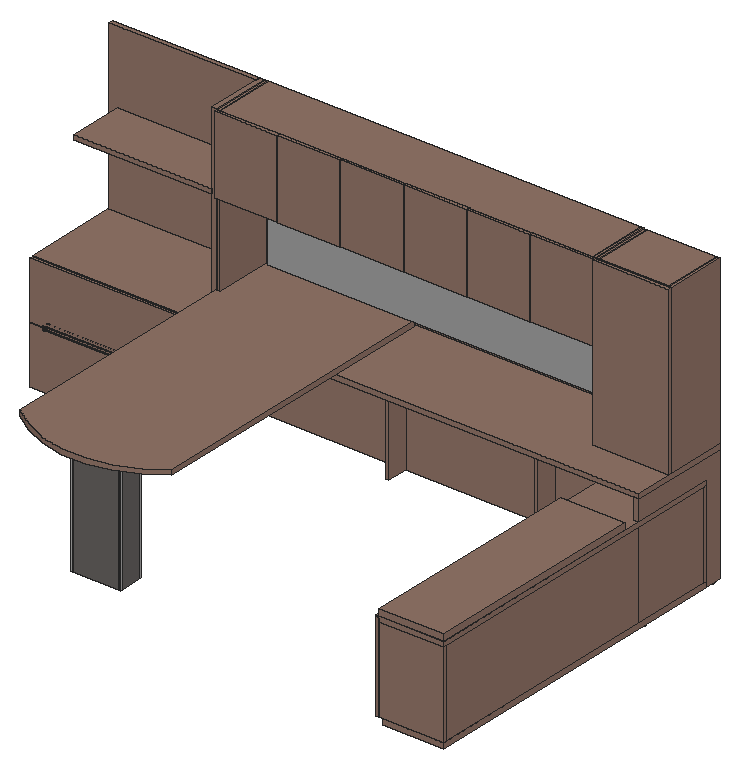
Revit family "OFS TYPICAL T100009", category Furniture, Revit 2022 (continued)
Definition of nested family "OFS SLATE CREDENZAS"
  Definition of nested family "OFS_Slate Private Office_Credenzas_Lateral File"
    Dimensions and locks (in)
      plane 5 to plane 12 to plane 6 = 0' - 0 5/8" locked, 0' - 0 1/8" locked
      "Length 1": plane 3 "Center (Left/Right)" to plane 4
      Extrusion 11 sketch curve to plane 4 to Extrusion 11 sketch curve = 0' - 0 1/16" locked, 0' - 0 1/16" locked
      equal spacing: plane 6, plane 18, plane 3 "Center (Left/Right)"
      locked: Sweep 12 sketch curve to plane 3 "Center (Left/Right)" at 3.65384
      "Length 2": Sweep 12 sketch curve to Sweep 12 sketch curve
      "Length 2": Sweep 13 sketch curve to Sweep 13 sketch curve
      "Length 3": Sweep 13 sketch curve to plane 3 "Center (Left/Right)"
      aligned and locked: level to plane 2
      aligned and locked: Extrusion 6 to plane 6
      aligned and locked: Sweep 7 sketch curve to Extrusion 6  (x2)
      aligned and locked: plane 10 to Sweep 7 sketch curve
      aligned and locked: plane 5 to Extrusion 8
      aligned and locked: plane 7 to Extrusion 8
      aligned and locked: Extrusion 10 to plane 12
      aligned and locked: Extrusion 11 to plane 14
      aligned and locked: Extrusion 14 sketch curve to plane 7
      aligned and locked: Extrusion 14 sketch curve to plane 5
      aligned and locked: Masking region 1 sketch curve to Extrusion 6  (x4)
    Automatic sketch dimensions
      Revolve 1 sketch curve to plane 13 = 0' - 0"
      Revolve 1 sketch curve to level = 0' - 0"  (x2)
      Revolve 1 sketch curve to plane 7 = 0' - 0.6409"
      Revolve 1 sketch curve to Revolve 1 sketch curve = 0' - 0.245"
      Revolve 1 sketch curve to Revolve 1 sketch curve = 0' - 0.005"
      Revolve 1 sketch curve to Revolve 1 sketch curve = 0' - 0.03868"
      level to Revolve 1 sketch curve = 0' - 0.13"
      Revolve 1 sketch curve to Revolve 1 sketch curve = 0' - 0"
      Revolve 1 sketch curve to level = 0' - 0.09316"
      Revolve 2 sketch curve to plane 13 = 0' - 0"
      Revolve 2 sketch curve to level = 0' - 0"  (x2)
      Revolve 2 sketch curve to plane 5 = 0' - 0.6409"
      Revolve 2 sketch curve to Revolve 2 sketch curve = 0' - 0.245"
      Revolve 2 sketch curve to Revolve 2 sketch curve = 0' - 0.005"
      Revolve 2 sketch curve to Revolve 2 sketch curve = 0' - 0.03868"
      Revolve 2 sketch curve to plane 13 = 0' - 0.19756"
      Revolve 2 sketch curve to Revolve 2 sketch curve = 0' - 0"
      Revolve 2 sketch curve to Revolve 2 sketch curve = 0' - 0.09316"
      Revolve 3 sketch curve to plane 13 = 0' - 0"
      Revolve 3 sketch curve to level = 0' - 0"  (x2)
      Revolve 3 sketch curve to plane 5 = 0' - 0.6409"
      Revolve 3 sketch curve to Revolve 3 sketch curve = 0' - 0.245"
      Revolve 3 sketch curve to Revolve 3 sketch curve = 0' - 0.005"
      Revolve 3 sketch curve to Revolve 3 sketch curve = 0' - 0.03868"
      level to Revolve 3 sketch curve = 0' - 0.13"
      Revolve 3 sketch curve to Revolve 3 sketch curve = 0' - 0"
      Revolve 3 sketch curve to Revolve 3 sketch curve = 0' - 0.09316"
      Revolve 4 sketch curve to plane 13 = 0' - 0"
      Revolve 4 sketch curve to level = 0' - 0"  (x2)
      Revolve 4 sketch curve to plane 7 = 0' - 0.6409"
      Revolve 4 sketch curve to Revolve 4 sketch curve = 0' - 0.245"
      Revolve 4 sketch curve to Revolve 4 sketch curve = 0' - 0.005"
      Revolve 4 sketch curve to Revolve 4 sketch curve = 0' - 0.03868"
      Revolve 4 sketch curve to Revolve 4 sketch curve = 0' - 0.19756"
      Revolve 4 sketch curve to Revolve 4 sketch curve = 0' - 0"
      Revolve 4 sketch curve to level = 0' - 0.09316"
      Extrusion 5 sketch curve to plane 5 = 0' - 0"  (x2)
      Extrusion 5 sketch curve to plane 7 = 0' - 0"  (x2)
      plane 15 to Extrusion 5 sketch curve = 0' - 0.62544"  (x2)
      Extrusion 5 sketch curve to Extrusion 5 sketch curve = 0' - 1 1/2"  (x2)
      Extrusion 5 sketch curve to plane 16 = 0' - 0.62544"  (x2)
      Extrusion 5 sketch curve to plane 7 = 0' - 1 1/2"  (x2)
      Extrusion 5 sketch curve to plane 15 = 0' - 0.87456"  (x2)
      plane 16 to Extrusion 5 sketch curve = 0' - 0.87456"  (x2)
      Extrusion 6 sketch curve to plane 8 = 0' - 0"
      Extrusion 6 sketch curve to plane 1 "Center (Front/Back)" = 0' - 0"
      plane 14 to Extrusion 6 sketch curve = 0' - 0"
      plane 14 to Extrusion 6 sketch curve = 0' - 1 3/16"
      plane 1 "Center (Front/Back)" to Sweep 7 sketch curve = 0' - 0"  (x2)
      Sweep 7 sketch curve to plane 13 = 0' - 0"
      Sweep 7 sketch curve to profile plane = 0' - 0"
      profile plane to Sweep 7 sketch curve = 0' - 0 3/4"
      plane 13 to Sweep 7 sketch curve = 0' - 1 1/4"
      Extrusion 8 sketch curve to plane 13 = 0' - 0"
      Extrusion 8 sketch curve to plane 1 "Center (Front/Back)" = 0' - 0"
      plane 15 to Extrusion 8 sketch curve = 0' - 0.62544"
      plane 14 to Extrusion 8 sketch curve = 0' - 1 3/16"
      Extrusion 9 sketch curve to plane 3 "Center (Left/Right)" = 0' - 0"
      plane 7 to Extrusion 9 sketch curve = 0' - 0"
      Extrusion 9 sketch curve to plane 5 = 0' - 0"
      plane 6 to Extrusion 9 sketch curve = 0' - 0"
      plane 13 to Extrusion 9 sketch curve = 0' - 1 1/4"  (x2)
      plane 14 to Extrusion 9 sketch curve = 0' - 1 3/16"  (x2)
      Extrusion 10 sketch curve to plane 9 = 0' - 0"  (x2)
      Extrusion 10 sketch curve to plane 8 = 0' - 0.08661"  (x2)
      plane 13 to Extrusion 10 sketch curve = 0' - 1 1/4"
      Extrusion 10 sketch curve to Extrusion 10 sketch curve = 1' - 1 21/32"
      Extrusion 10 sketch curve to Extrusion 10 sketch curve = 0' - 0 1/8"
      plane 14 to Extrusion 10 sketch curve = 0' - 0 1/16"
      Extrusion 11 sketch curve to plane 9 = 0' - 0"
      Extrusion 11 sketch curve to plane 8 = 0' - 0.08661"
      Sweep 12 sketch curve to plane 9 = 0' - 0"
      plane 9 to Sweep 12 sketch curve = 0' - 0.06025"
      Sweep 12 sketch curve to profile plane = 0' - 0.18113"
      Sweep 12 sketch curve to profile plane = 0' - 0.23364"
      Sweep 12 sketch curve to Sweep 12 sketch curve = 0' - 0.06813"
      Sweep 12 sketch curve to Sweep 12 sketch curve = 0' - 0 33/64"
      Sweep 12 sketch curve to Sweep 12 sketch curve = 0' - 0.29853"
      Sweep 12 sketch curve to Sweep 12 sketch curve = 0' - 0.23498"
      Sweep 13 sketch curve to plane 9 = 0' - 0"
      profile plane to Sweep 13 sketch curve = 0' - 0.74926"
      profile plane to Sweep 13 sketch curve = 0' - 0.24927"
      profile plane to Sweep 13 sketch curve = 0' - 0.23364"
      Sweep 13 sketch curve to Sweep 13 sketch curve = 0' - 0.06813"
      plane 9 to Sweep 13 sketch curve = 0' - 0.06025"
      Sweep 13 sketch curve to Sweep 13 sketch curve = 0' - 0.29853"
      Sweep 13 sketch curve to Sweep 13 sketch curve = 0' - 0.23498"
      plane 13 to Extrusion 14 sketch curve = 0' - 1 1/4"
      Extrusion 14 sketch curve to Extrusion 14 sketch curve = 0' - 0 3/4"
      plane 13 to Sweep 12 sketch curve = 1' - 2.15699"
      Sweep 12 sketch curve to Sweep 12 sketch curve = 0' - 0.81176"
      plane 14 to Sweep 13 sketch curve = 1' - 0.96949"
      Sweep 13 sketch curve to Sweep 13 sketch curve = 0' - 0.81176"
  Definition of nested family "OFS_Slate Private Office_Credenzas_Overlay Lateral File Doors"
    Parameters
      Width 1 [instance] = if(Width < 5' 0", 5' 0", Width)  # 5' - 0"
      Width [instance] = 5' - 0"
      URL = "http://www.ofsbrands.com/"
      Type = 5
      Top [instance] = none
      Panel [instance] = none
      Model = "Type Catalog"
      Manufacturer = "OFS BRANDS"  # constant formula
      Length 2 [instance] = if(and(Type = 5, Width < 5' 0"), 0' 0.063", 1' 5 7/8")  # 1' - 5 7/8"
      Length 1 [instance] = if(and(Type = 5, Width = 2' 6"), 1' 7.255", if(and(Type = 5, Width = 3' 0"), 2' 1.255", if(and(Type = 5, Width = 5' 0"), 1' 1.255", if(and(Type = 5, Width = 6' 0"), 2' 1.255", if(and(Type = 5, Width = 7' 6"), 1' 6.005", 2' 3.005")))))  # 1' - 1.255"
      Overlay Lateral File = Type = 5  # yes
      Lateral Drawers [instance] = and(Overlay Lateral File, not(Width < 5' 0"))  # yes
      Glides [instance] = none
      Drawers [instance] = none
      Description = "Type Catalog"
      Default Elevation = 0' - 0"
      Copyright © = "© 2016 OFS BRANDS"  # constant formula
      Catalog = "OFS"  # constant formula
      Case [instance] = none
      Base [instance] = none
      Authoring Version = "Autodesk Revit Architecture 2014"  # constant formula
      Assembly Code = "E2020200"
      4 Drawers [instance] = and(Type = 5, Width > 6' 0")  # no
      2 Drawers [instance] = and(Type = 5, Width < 7' 6")  # yes
    Reference planes (in)
      plane 1 "Center (Front/Back)": y = 0
      plane 2: z = 0
      plane 3 "Center (Left/Right)": x = 0
      plane 4: x = 59.25
      plane 5: x = 60
      plane 6: x = 0.75
      plane 7: y = -24
      plane 8: y = -25.58661
      plane 9: y = -23.125
      plane 10: x = 0.125
      plane 11: x = 59.875
      plane 12: z = 0.45
      plane 13: z = 30.3875
      plane 14: y = -1.38677
      plane 15: y = -21.25
      plane 16: y = -11.5625
      plane 17: x = 30
      plane 18: x = 19.6875
      plane 19: x = 40.3125
      plane 20: x = 1.8125
      plane 21: x = 58.1875
      plane 22: x = 58.0625
    Forms (in)
      Revolve 1, solid, material <- "Glides", visible <- "Overlay Lateral File"
        sketch origin (1.0178, -1.38677, 47.24409) x (-1, 0, 0) y (0, 0, 1)
          loop
            line (0.04905, -46.79409) -> (0.04905, -47.24409) -> (0.29405, -47.24409)
            arc (0.29405, -47.24409) -> (0.42215, -47.13626) -> (0.33773, -46.99165) r 0.13
            line (0.33773, -46.99165) -> (0.29905, -46.99165) -> (0.29905, -46.79409) -> (0.04905, -46.79409)
          axis (0.04905, -46.79409) -> (0.04905, -47.24409)
        angle from 0 to 360
      Revolve 2, solid, material <- "Glides", visible <- "Overlay Lateral File"
        sketch origin (70.9822, -1.38677, 47.24409) x (1, 0, 0) y (0, 0, -1)
          loop
            line (-11.95095, 46.79409) -> (-11.70095, 46.79409) -> (-11.70095, 46.99165) -> (-11.66227, 46.99165)
            arc (-11.66227, 46.99165) -> (-11.57785, 47.13626) -> (-11.70595, 47.24409) r 0.13
            line (-11.70595, 47.24409) -> (-11.95095, 47.24409) -> (-11.95095, 46.79409)
          axis (-11.95095, 46.79409) -> (-11.95095, 47.24409)
        angle from 0 to 360
      Revolve 3, solid, material <- "Glides", visible <- "Overlay Lateral File"
        sketch origin (1.0178, -21.25, 47.24409) x (-1, 0, 0) y (0, 0, 1)
          loop
            line (-58.01344, -46.79409) -> (-58.26344, -46.79409) -> (-58.26344, -46.99165) -> (-58.30212, -46.99165)
            arc (-58.30212, -46.99165) -> (-58.38654, -47.13626) -> (-58.25844, -47.24409) r 0.13
            line (-58.25844, -47.24409) -> (-58.01344, -47.24409) -> (-58.01344, -46.79409)
          axis (-58.01344, -46.79409) -> (-58.01344, -47.24409)
        angle from 0 to 360
      Revolve 4, solid, material <- "Glides", visible <- "Overlay Lateral File"
        sketch origin (1.0178, -21.25, 47.24409) x (-1, 0, 0) y (0, 0, 1)
          loop
            line (0.04905, -46.79409) -> (0.04905, -47.24409) -> (0.29405, -47.24409)
            arc (0.29405, -47.24409) -> (0.42215, -47.13626) -> (0.33773, -46.99165) r 0.13
            line (0.33773, -46.99165) -> (0.29905, -46.99165) -> (0.29905, -46.79409) -> (0.04905, -46.79409)
          axis (0.04905, -46.79409) -> (0.04905, -47.24409)
        angle from 0 to 360
      Sweep 5, solid, material <- "Panel", visible <- "Overlay Lateral File"
        path origin (-60.07556, -60, 0.45) x (-1, 0, 0) y (0, -1, 0)
          loop
            line (-120.07556, -36.875) -> (-60.07556, -36.875)
        profile origin (30, -23.125, 0.45) x (0, -1, 0) y (0, 0, 1)
          loop
            line (-0.75, 0) -> (0, 0) -> (0, 1.25) -> (-0.75, 1.25) -> (-0.75, 0)
      Extrusion 6, solid, material <- "Case", visible <- "Overlay Lateral File"
        sketch origin (0, 0, 0) x (0, 1, 0) y (0, 0, 1)
          loop
            line (0, 29.2) -> (-0.76133, 29.2) -> (-0.76133, 0.45) -> (0, 0.45) -> (0, 29.2)
        from 1.9375 to 58.0625
      Extrusion 7, solid, material <- "Panel", visible <- "Overlay Lateral File"
        sketch origin (0, 0, 0) x (1, 0, 0) y (0, 0, 1)
          loop
            line (0, 29.2) -> (0, 1.7) -> (1.9375, 1.7) -> (1.9375, 29.2) -> (0, 29.2)
          loop
            line (58.0625, 29.2) -> (58.0625, 1.7) -> (60, 1.7) -> (60, 29.2) -> (58.0625, 29.2)
        from 0 to 24.75
      Extrusion 8, solid, material <- "Drawers", visible <- "Lateral Drawers"
        sketch origin (0.125, -24.83661, 47.24409) x (0, -1, 0) y (0, 0, 1)
          loop
            line (0.49, -16.91909) -> (0.40162, -16.9557) -> (0, -17.35732) -> (0, -45.5441) -> (0.75, -45.5441) -> (0.75, -16.91909) -> (0.49, -16.91909)
        from -1.6875 to -19.5625
      Extrusion 9, solid, material <- "Base", visible <- "Overlay Lateral File"
        sketch origin (-3.76383, -25.58661, 47.24409) x (-1, 0, 0) y (0, 0, 1)
          loop
            line (-5.70133, -44.79409) -> (-61.82633, -44.79409) -> (-61.82633, -45.54409) -> (-5.70133, -45.54409) -> (-5.70133, -44.79409)
        from 0.83661 to 24.83661
      Extrusion 10, solid, material <- "Drawers", visible <- "Lateral Drawers"
        sketch origin (65.875, -24.83661, 47.24409) x (0, -1, 0) y (0, 0, -1)
          loop
            line (0.49, 16.91909) -> (0.75, 16.91909) -> (0.75, 45.5441) -> (0, 45.5441) -> (0, 17.35732) -> (0.40162, 16.9557) -> (0.49, 16.91909)
        from -7.6875 to -25.5625
      Extrusion 11, solid, material <- "Drawers", visible <- "2 Drawers"
        sketch origin (-3.76383, -25.58661, 47.24409) x (-1, 0, 0) y (0, 0, 1)
          loop
            line (-23.57633, -16.9191) -> (-43.95133, -16.9191) -> (-43.95133, -30.57535) -> (-23.57633, -30.57535) -> (-23.57633, -16.9191)
          loop
            line (-43.95133, -30.70035) -> (-43.95133, -45.54409) -> (-23.57633, -45.54409) -> (-23.57633, -30.70035) -> (-43.95133, -30.70035)
        from 0 to 0.75
      Extrusion 12, solid, material <- "Top", visible <- "Overlay Lateral File"
        sketch origin (1.8125, -27.03977, 47.24409) x (0, -1, 0) y (0, 0, 1)
          loop
            line (-26.28977, -16.85659) -> (-26.28977, -18.0441) -> (-2.28977, -18.0441) -> (-2.28977, -16.85659) -> (-26.28977, -16.85659)
        from 0 to -56.375
      Extrusion 13, solid, material <- "Panel", visible <- "Overlay Lateral File"
        sketch origin (-60.07556, -60, 0.45) x (-1, 0, 0) y (0, -1, 0)
          loop
            line (-62.01306, -38.8125) -> (-62.01306, -60) -> (-60.07556, -60) -> (-60.07556, -36.875) -> (-62.01306, -38.8125)
          loop
            line (-118.13806, -38.8125) -> (-120.07556, -36.875) -> (-120.07556, -60) -> (-118.13806, -60) -> (-118.13806, -38.8125)
        from 0 to 1.25
      Sweep 14, void
        path origin (-3.76383, -25.58661, 47.24409) x (-1, 0, 0) y (0, 0, 1)
          loop
            line (-27.13633, -29.82608) -> (-40.39133, -29.82608)
            arc (-40.39133, -29.82608) -> (-41.2031, -30.63785) -> (-40.39133, -31.44961) r 0.81176
            line (-40.39133, -31.44961) -> (-27.13633, -31.44961)
            arc (-27.13633, -31.44961) -> (-26.32457, -30.63785) -> (-27.13633, -29.82608) r 0.81176
        profile origin (30, -25.58661, 17.41801) x (0, 0, -1) y (0, 1, 0)
          loop
            line (0.74926, 0) -> (0.74926, 0.59375) -> (0.23364, 0.59375)
            arc (0.23364, 0.59375) -> (0.00071, 0.38112) -> (0.19126, 0.12981) r 0.2339
            arc (0.19126, 0.12981) -> (0.23287, 0.10547) -> (0.24927, 0.06015) r 0.07084
            line (0.24927, 0.06015) -> (0.24927, 0) -> (0.74926, 0)
      Extrusion 15, solid, material <- "Drawers", visible <- "4 Drawers"
        sketch origin (30, -60, -12) x (0, 0, -1) y (0, -1, 0)
          loop
            line (-42.325, -35.16339) -> (-28.66875, -35.16339) -> (-28.66875, -34.41339) -> (-42.325, -34.41339) -> (-42.325, -35.16339)
          loop
            line (-28.54375, -35.16339) -> (-13.7, -35.16339) -> (-13.7, -34.41339) -> (-28.54375, -34.41339) -> (-28.54375, -35.16339)
        from 0.125 to 10.1875
      Extrusion 16, solid, material <- "Drawers", visible <- "4 Drawers"
        sketch origin (30, -60, -12) x (0, 0, -1) y (0, -1, 0)
          loop
            line (-42.325, -35.16339) -> (-28.66875, -35.16339) -> (-28.66875, -34.41339) -> (-42.325, -34.41339) -> (-42.325, -35.16339)
          loop
            line (-28.54375, -35.16339) -> (-13.7, -35.16339) -> (-13.7, -34.41339) -> (-28.54375, -34.41339) -> (-28.54375, -35.16339)
        from -0.125 to -10.1875
      Sweep 17, void
        path origin (-3.76383, -25.58661, 47.24409) x (-1, 0, 0) y (0, 0, 1)
          loop
            line (-16.88624, -29.82608) -> (-30.14124, -29.82608)
            arc (-30.14124, -29.82608) -> (-30.953, -30.63785) -> (-30.14124, -31.44961) r 0.81176
            line (-30.14124, -31.44961) -> (-16.88624, -31.44961)
            arc (-16.88624, -31.44961) -> (-16.07448, -30.63785) -> (-16.88624, -29.82608) r 0.81176
        profile origin (19.74991, -25.58661, 17.41801) x (0, 0, -1) y (0, 1, 0)
          loop
            line (0.74926, 0) -> (0.74926, 0.59363) -> (0.23316, 0.59363)
            arc (0.23316, 0.59363) -> (-0.0007, 0.37998) -> (0.191, 0.12781) r 0.23482
            arc (0.191, 0.12781) -> (0.23279, 0.10343) -> (0.24927, 0.05795) r 0.07102
            line (0.24927, 0.05795) -> (0.24927, 0) -> (0.74926, 0)
      Sweep 18, void
        path origin (93.76383, -25.58661, 47.24409) x (1, 0, 0) y (0, 0, -1)
          loop
            arc (-46.88624, 29.82608) -> (-46.07448, 30.63785) -> (-46.88624, 31.44961) r 0.81176
            line (-46.88624, 31.44961) -> (-60.14124, 31.44961)
            arc (-60.14124, 31.44961) -> (-60.953, 30.63785) -> (-60.14124, 29.82608) r 0.81176
            line (-60.14124, 29.82608) -> (-46.88624, 29.82608)
        profile origin (40.25009, -25.58661, 17.41801) x (0, 0, 1) y (0, 1, 0)
          loop
            line (-0.74926, 0) -> (-0.24927, 0) -> (-0.24927, 0.05795)
            arc (-0.24927, 0.05795) -> (-0.23279, 0.10343) -> (-0.191, 0.12781) r 0.07102
            arc (-0.191, 0.12781) -> (0.0007, 0.37998) -> (-0.23316, 0.59363) r 0.23482
            line (-0.23316, 0.59363) -> (-0.74926, 0.59363) -> (-0.74926, 0)
    Cuts and joins
      joined: Revolve 1, Revolve 2, Revolve 3, Revolve 4
      joined: Extrusion 8, Extrusion 10
      joined: Sweep 5, Extrusion 13
      Sweep 14 cuts Extrusion 11
      Sweep 17, Sweep 18 cuts Extrusion 15
      Sweep 18 cuts Extrusion 16
    Lines and regions (in)
      Masking region 1, visible <- "Overlay Lateral File"
        outline origin (77.82463, -60, 30.3875) x (0, -1, 0) y (1, 0, 0)
          loop
            line (-60, -77.82463) -> (-34.41339, -77.82463) -> (-34.41339, -17.82463) -> (-60, -17.82463) -> (-60, -77.82463)
    Dimensions and locks (in)
      "Width 1": plane 3 "Center (Left/Right)" to plane 5
      equal spacing: plane 3 "Center (Left/Right)", plane 17, plane 5
      locked: plane 18 to Extrusion 11 sketch curve at 0.125
      locked: plane 19 to Extrusion 11 sketch curve at 0.125
      locked: Extrusion 7 sketch curve to plane 3 "Center (Left/Right)" at 1.9375
      locked: plane 20 to Extrusion 9 sketch curve at 0.125
      equal spacing: Sweep 14 sketch curve, plane 17, Sweep 14 sketch curve
      "Length 1": Sweep 14 sketch curve to Sweep 14 sketch curve
      Extrusion 13 sketch curve to Extrusion 13 sketch curve to plane 9 = 0' - 0" locked, 0' - 1 15/16" locked
      locked: plane 3 "Center (Left/Right)" to Extrusion 13 sketch curve at 1.9375
      locked: Sweep 17 sketch curve to plane 17 at 3.62259
      "Length 1": Sweep 17 sketch curve to Sweep 17 sketch curve
      "Length 1": Sweep 18 sketch curve to Sweep 18 sketch curve
      locked: plane 17 to Sweep 18 sketch curve at 3.62259
      plane 3 "Center (Left/Right)" to plane 10 to plane 6 to plane 20 = 0' - 0 1/8" locked, 0' - 0 5/8" locked, 0' - 1 1/16" locked
      plane 22 to plane 21 to plane 4 to plane 11 to plane 5 = 0' - 0 1/8" locked, 0' - 1 1/16" locked, 0' - 0 5/8" locked, 0' - 0 1/8" locked
      "Length 2": plane 20 to plane 18
      "Length 2": plane 19 to plane 21
      aligned and locked: level to plane 2
      aligned and locked: plane 9 to Sweep 5 sketch curve
      aligned and locked: Extrusion 10 to plane 19
      aligned and locked: Extrusion 11 sketch curve to Extrusion 11 sketch curve  (x2)
      aligned and locked: cut or joined group of Extrusion 8, Extrusion 10 to plane 18
      aligned and locked: cut or joined group of Extrusion 8, Extrusion 10 to plane 19
      aligned and locked: plane 21 to Extrusion 12
      aligned and locked: plane 21 to cut or joined group of Extrusion 8, Extrusion 10
      aligned and locked: Extrusion 6 to plane 22
      aligned and locked: Extrusion 7 sketch curve to plane 22
      aligned and locked: Extrusion 13 sketch curve to plane 22
      aligned and locked: plane 5 to Extrusion 13 sketch curve
      aligned and locked: plane 9 to Extrusion 13 sketch curve  (x2)
      aligned and locked: Extrusion 13 sketch curve to plane 3 "Center (Left/Right)"
      aligned and locked: plane 22 to Extrusion 9 sketch curve
      aligned and locked: Masking region 1 sketch curve to Extrusion 7
      aligned and locked: cut or joined group of Extrusion 11, Sweep 14 to cut or joined group of Extrusion 15, Sweep 17, Sweep 18
      aligned and locked: cut or joined group of Extrusion 16, Sweep 18 to cut or joined group of Extrusion 11, Sweep 14
    Automatic sketch dimensions
      Revolve 1 sketch curve to plane 12 = 0' - 0"
      Revolve 1 sketch curve to level = 0' - 0"  (x2)
      Revolve 1 sketch curve to plane 6 = 0' - 0 7/32"
      plane 6 to Revolve 1 sketch curve = 0' - 0.02625"
      plane 6 to Revolve 1 sketch curve = 0' - 0 1/32"
      Revolve 1 sketch curve to Revolve 1 sketch curve = 0' - 0.03868"
      level to Revolve 1 sketch curve = 0' - 0.13"
      Revolve 1 sketch curve to Revolve 1 sketch curve = 0' - 0"
      Revolve 1 sketch curve to level = 0' - 0.09316"
      Revolve 2 sketch curve to plane 12 = 0' - 0"
      Revolve 2 sketch curve to level = 0' - 0"  (x2)
      Revolve 2 sketch curve to plane 4 = 0' - 0 7/32"
      plane 4 to Revolve 2 sketch curve = 0' - 0.02625"
      plane 4 to Revolve 2 sketch curve = 0' - 0 1/32"
      Revolve 2 sketch curve to Revolve 2 sketch curve = 0' - 0.03868"
      Revolve 2 sketch curve to plane 12 = 0' - 0.19756"
      Revolve 2 sketch curve to Revolve 2 sketch curve = 0' - 0"
      Revolve 2 sketch curve to Revolve 2 sketch curve = 0' - 0.09316"
      Revolve 3 sketch curve to plane 12 = 0' - 0"
      Revolve 3 sketch curve to level = 0' - 0"  (x2)
      plane 4 to Revolve 3 sketch curve = 0' - 0.06992"
      plane 4 to Revolve 3 sketch curve = 0' - 0 1/32"
      plane 4 to Revolve 3 sketch curve = 0' - 0.02625"
      Revolve 3 sketch curve to plane 4 = 0' - 0 7/32"
      level to Revolve 3 sketch curve = 0' - 0.13"
      Revolve 3 sketch curve to Revolve 3 sketch curve = 0' - 0"
      Revolve 3 sketch curve to Revolve 3 sketch curve = 0' - 0.09316"
      Revolve 4 sketch curve to plane 12 = 0' - 0"
      Revolve 4 sketch curve to level = 0' - 0"  (x2)
      Revolve 4 sketch curve to plane 6 = 0' - 0 7/32"
      plane 6 to Revolve 4 sketch curve = 0' - 0.02625"
      plane 6 to Revolve 4 sketch curve = 0' - 0 1/32"
      Revolve 4 sketch curve to Revolve 4 sketch curve = 0' - 0.03868"
      Revolve 4 sketch curve to Revolve 4 sketch curve = 0' - 0.13"
      Revolve 4 sketch curve to Revolve 4 sketch curve = 0' - 0"
      Revolve 4 sketch curve to level = 0' - 0.09316"
      Sweep 5 sketch curve to plane 5 = 0' - 0"
      Sweep 5 sketch curve to plane 3 "Center (Left/Right)" = 0' - 0"
      Sweep 5 sketch curve to plane 12 = 0' - 0"
      Sweep 5 sketch curve to profile plane = 0' - 0"
      profile plane to Sweep 5 sketch curve = 0' - 0 3/4"
      Sweep 5 sketch curve to Sweep 5 sketch curve = 0' - 1 1/4"
      Extrusion 6 sketch curve to plane 12 = 0' - 0"
      Extrusion 6 sketch curve to plane 1 "Center (Front/Back)" = 0' - 0"
      plane 14 to Extrusion 6 sketch curve = 0' - 0.62544"
      plane 13 to Extrusion 6 sketch curve = 0' - 1 3/16"
      Extrusion 7 sketch curve to plane 3 "Center (Left/Right)" = 0' - 0"
      plane 5 to Extrusion 7 sketch curve = 0' - 0"
      plane 12 to Extrusion 7 sketch curve = 0' - 1 1/4"  (x2)
      plane 13 to Extrusion 7 sketch curve = 0' - 1 3/16"  (x2)
      Extrusion 8 sketch curve to plane 8 = 0' - 0"
      plane 13 to Extrusion 8 sketch curve = 0' - 0 1/16"
      plane 8 to Extrusion 8 sketch curve = 0' - 0.26"
      plane 13 to Extrusion 8 sketch curve = 0' - 0.09911"
      Extrusion 8 sketch curve to Extrusion 8 sketch curve = 0' - 0.08838"
      plane 8 to Extrusion 8 sketch curve = 0' - 0 3/4"
      plane 13 to Extrusion 8 sketch curve = 0' - 0.50072"
      plane 12 to Extrusion 8 sketch curve = 0' - 1 1/4"
      plane 12 to Extrusion 9 sketch curve = 0' - 1 1/4"
      Extrusion 9 sketch curve to Extrusion 9 sketch curve = 0' - 0 3/4"
      Extrusion 10 sketch curve to plane 8 = 0' - 0"
      plane 13 to Extrusion 10 sketch curve = 0' - 0 1/16"
      Extrusion 10 sketch curve to Extrusion 10 sketch curve = 0' - 0.26"
      plane 13 to Extrusion 10 sketch curve = 0' - 0.09911"
      Extrusion 10 sketch curve to Extrusion 10 sketch curve = 0' - 0.08838"
      Extrusion 10 sketch curve to Extrusion 10 sketch curve = 0' - 0 3/4"
      plane 13 to Extrusion 10 sketch curve = 0' - 0.50072"
      plane 12 to Extrusion 10 sketch curve = 0' - 1 1/4"
      plane 12 to Extrusion 11 sketch curve = 0' - 1 1/4"
      plane 13 to Extrusion 11 sketch curve = 1' - 1 27/32"
      Extrusion 11 sketch curve to Extrusion 11 sketch curve = 0' - 0 1/8"
      plane 13 to Extrusion 11 sketch curve = 0' - 0 1/16"
      plane 13 to Extrusion 12 sketch curve = 0' - 0"
      plane 14 to Extrusion 12 sketch curve = 0' - 0.63677"
      Extrusion 12 sketch curve to plane 7 = 0' - 0 3/4"
      plane 13 to Extrusion 12 sketch curve = 0' - 1 3/16"
      plane 1 "Center (Front/Back)" to Extrusion 13 sketch curve = 0' - 0"  (x2)
      Sweep 14 sketch curve to plane 8 = 0' - 0"
      plane 8 to Sweep 14 sketch curve = 0' - 0.06015"
      Sweep 14 sketch curve to profile plane = 0' - 0.17843"
      Sweep 14 sketch curve to profile plane = 0' - 0.23364"
      Sweep 14 sketch curve to Sweep 14 sketch curve = 0' - 0.07084"
      Sweep 14 sketch curve to Sweep 14 sketch curve = 0' - 0 33/64"
      Sweep 14 sketch curve to Sweep 14 sketch curve = 0' - 0.2997"
      Sweep 14 sketch curve to Sweep 14 sketch curve = 0' - 0.2339"
      Extrusion 15 sketch curve to plane 8 = 0' - 0"  (x2)
      plane 13 to Extrusion 15 sketch curve = 0' - 0 1/16"
      plane 8 to Extrusion 15 sketch curve = 0' - 0 3/4"
      Extrusion 15 sketch curve to Extrusion 15 sketch curve = 1' - 1 21/32"
      Extrusion 15 sketch curve to Extrusion 15 sketch curve = 0' - 0 1/8"
      plane 12 to Extrusion 15 sketch curve = 0' - 1 1/4"
      Extrusion 15 sketch curve to Extrusion 15 sketch curve = 0' - 0 3/4"
      Extrusion 16 sketch curve to plane 8 = 0' - 0"  (x2)
      plane 13 to Extrusion 16 sketch curve = 0' - 0 1/16"
      plane 8 to Extrusion 16 sketch curve = 0' - 0 3/4"
      Extrusion 16 sketch curve to Extrusion 16 sketch curve = 1' - 1 21/32"
      Extrusion 16 sketch curve to Extrusion 16 sketch curve = 0' - 0 1/8"
      plane 12 to Extrusion 16 sketch curve = 0' - 1 1/4"
      Extrusion 16 sketch curve to Extrusion 16 sketch curve = 0' - 0 3/4"
      Sweep 17 sketch curve to plane 8 = 0' - 0"
      plane 8 to Sweep 17 sketch curve = 0' - 0.05795"
      Sweep 17 sketch curve to profile plane = 0' - 0.17825"
      Sweep 17 sketch curve to profile plane = 0' - 0.23316"
      Sweep 17 sketch curve to Sweep 17 sketch curve = 0' - 0.07102"
      Sweep 17 sketch curve to Sweep 17 sketch curve = 0' - 0.5161"
      Sweep 17 sketch curve to Sweep 17 sketch curve = 0' - 0.30087"
      Sweep 17 sketch curve to Sweep 17 sketch curve = 0' - 0.23482"
      Sweep 18 sketch curve to plane 8 = 0' - 0"
      profile plane to Sweep 18 sketch curve = 0' - 0.74926"
      profile plane to Sweep 18 sketch curve = 0' - 0.24927"
      profile plane to Sweep 18 sketch curve = 0' - 0.23316"
      Sweep 18 sketch curve to Sweep 18 sketch curve = 0' - 0.07102"
      plane 8 to Sweep 18 sketch curve = 0' - 0.05795"
      Sweep 18 sketch curve to Sweep 18 sketch curve = 0' - 0.30087"
      Sweep 18 sketch curve to Sweep 18 sketch curve = 0' - 0.23482"
      Masking region 1 sketch curve to plane 3 "Center (Left/Right)" = 0' - 0"
      Masking region 1 sketch curve to plane 8 = 0' - 0"
      Masking region 1 sketch curve to plane 5 = 0' - 0"
      plane 13 to Sweep 14 sketch curve = 1' - 2.59302"
      Sweep 14 sketch curve to Sweep 14 sketch curve = 0' - 0.81176"
      plane 13 to Sweep 17 sketch curve = 1' - 2.59302"
      Sweep 17 sketch curve to Sweep 17 sketch curve = 0' - 0.81176"
      plane 13 to Sweep 18 sketch curve = 1' - 0.96949"
      Sweep 18 sketch curve to Sweep 18 sketch curve = 0' - 0.81176"
Definition of nested family "OFS SLATE OPEN SHELF ORGANIZER"
  Parameters (values of type "Open Shelf Organizer2 Shelves - Left, 2 High - 36W x 52H")
    Width = 3' - 0"
    URL = "http://www.ofs.com/"
    Shelves = 2
    Shelf [instance] = none
    Right = no
    Panel [instance] = none
    Model = "CA-3652LS31-2"
    Manufacturer = "CAROLINA"
    Length = if(Shelves = 1, 0' 1.188", 1' 4")  # 1' - 4"
    Left = yes
    High = 2
    Height 1 = if(and(Shelves = 1, High = 1, Height = 3' 4"), 1' 7", if(and(Shelves = 1, High = 1.5, Height = 4' 4"), 2' 1", if(and(Shelves = 2, High = 1.5, Height = 4' 4"), 2' 1", 2' 7")))  # 2' - 7"
    Height = 4' - 4"
    Elevation [instance] = 2' - 5 1/4"
    Description = "OFS SLATE Open Shelf Organizer, 2 Shelves, Left 36W x 14.25D x 51.5H, Slate Private Office"
    Default Elevation = 0' - 0"
    Copyright © = "© 2019 OFS"
    Catalog = "https://ofs.com/products/tables/conference/slate"
    Authoring Version = "Autodesk Revit Architecture 2014"
    Assembly Code = "E2020200"
  Types (40): name | Width | Shelves | Right | Model | Length | Left | High | Height 1 | Height | Description
    Open Shelf Organizer2 Shelves - Left, 2 High - 36W x 52H | 3' - 0" | 2 | no | "CA-3652LS31-2" | 1' - 4" | yes | 2 | 2' - 7" | 4' - 4" | "OFS SLATE Open Shelf Organizer, 2 Shelves, Left 36W x 14.25D x 51.5H, Slate Private Office"
    Open Shelf Organizer2 Shelves - Left 2 High - 30W x 52H | 2' - 6" | 2 | no | "CA-3052LS31-2" | 1' - 4" | yes | 2 | 2' - 7" | 4' - 4" | "OFS SLATE Open Shelf Organizer, 2 Shelves, Left 30W x 14.25D x 51.5H, Slate Private Office"
    Open Shelf Organizer2 Shelves - Left 2 High - 24W x 52H | 2' - 0" | 2 | no | "CA-2452LS31-2" | 1' - 4" | yes | 2 | 2' - 7" | 4' - 4" | "OFS SLATE Open Shelf Organizer, 2 Shelves, Left 24W x 14.25D x 51.5H, Slate Private Office"
    Open Shelf Organizer2 Shelves - Left 2 High - 18W x 52H | 1' - 6" | 2 | no | "CA-1852LS31-2" | 1' - 4" | yes | 2 | 2' - 7" | 4' - 4" | "OFS SLATE Open Shelf Organizer, 2 Shelves, Left 18W x 14.25D x 51.5H, Slate Private Office"
    Open Shelf Organizer2 Shelves - Right 2 High - 36W x 52H | 3' - 0" | 2 | yes | "CA-3652RS31-2" | 1' - 4" | no | 2 | 2' - 7" | 4' - 4" | "OFS SLATE Open Shelf Organizer, 2 Shelves, Right 36W x 14.25D x 51.5H, Slate Private Office"
    Open Shelf Organizer2 Shelves - Right 2 High - 30W x 52H | 2' - 6" | 2 | yes | "CA-3052RS31-2" | 1' - 4" | no | 2 | 2' - 7" | 4' - 4" | "OFS SLATE Open Shelf Organizer, 2 Shelves, Right 30W x 14.25D x 51.5H, Slate Private Office"
    Open Shelf Organizer2 Shelves - Right 2 High - 24W x 52H | 2' - 0" | 2 | yes | "CA-2452RS31-2" | 1' - 4" | no | 2 | 2' - 7" | 4' - 4" | "OFS SLATE Open Shelf Organizer, 2 Shelves, Right 24W x 14.25D x 51.5H, Slate Private Office"
    Open Shelf Organizer2 Shelves - Right 2 High - 18W x 52H | 1' - 6" | 2 | yes | "CA-1852RS31-2" | 1' - 4" | no | 2 | 2' - 7" | 4' - 4" | "OFS SLATE Open Shelf Organizer, 2 Shelves, Right 18W x 14.25D x 51.5H, Slate Private Office"
    Open Shelf Organizer2 Shelves - Left 1.5 High - 36W x 52H | 3' - 0" | 2 | no | "CA-3652LS25-2" | 1' - 4" | yes | 1.5 | 2' - 1" | 4' - 4" | "OFS SLATE Open Shelf Organizer, 2 Shelves, Left 36W x 14.25D x 51.5H, Slate Private Office"
    Open Shelf Organizer2 Shelves - Left 1.5 High - 30W x 52H | 2' - 6" | 2 | no | "CA-3052LS25-2" | 1' - 4" | yes | 1.5 | 2' - 1" | 4' - 4" | "OFS SLATE Open Shelf Organizer, 2 Shelves, Left 30W x 14.25D x 51.5H, Slate Private Office"
    Open Shelf Organizer2 Shelves - Left 1.5 High - 24W x 52H | 2' - 0" | 2 | no | "CA-2452LS25-2" | 1' - 4" | yes | 1.5 | 2' - 1" | 4' - 4" | "OFS SLATE Open Shelf Organizer, 2 Shelves, Left 24W x 14.25D x 51.5H, Slate Private Office"
    Open Shelf Organizer2 Shelves - Left 1.5 High - 18W x 52H | 1' - 6" | 2 | no | "CA-1852LS25-2" | 1' - 4" | yes | 1.5 | 2' - 1" | 4' - 4" | "OFS SLATE Open Shelf Organizer, 2 Shelves, Left 18W x 14.25D x 51.5H, Slate Private Office"
    Open Shelf Organizer2 Shelves - Right 1.5 High - 36W x 52H | 3' - 0" | 2 | yes | "CA-3652RS25-2" | 1' - 4" | no | 1.5 | 2' - 1" | 4' - 4" | "OFS SLATE Open Shelf Organizer, 2 Shelves, Right 36W x 14.25D x 51.5H, Slate Private Office"
    Open Shelf Organizer2 Shelves - Right 1.5 High - 30W x 52H | 2' - 6" | 2 | yes | "CA-3052RS25-2" | 1' - 4" | no | 1.5 | 2' - 1" | 4' - 4" | "OFS SLATE Open Shelf Organizer, 2 Shelves, Right 30W x 14.25D x 51.5H, Slate Private Office"
    Open Shelf Organizer2 Shelves - Right 1.5 High - 24W x 52H | 2' - 0" | 2 | yes | "CA-2452RS25-2" | 1' - 4" | no | 1.5 | 2' - 1" | 4' - 4" | "OFS SLATE Open Shelf Organizer, 2 Shelves, Right 24W x 14.25D x 51.5H, Slate Private Office"
    Open Shelf Organizer2 Shelves - Right 1.5 High - 18W x 52H | 1' - 6" | 2 | yes | "CA-1852RS25-2" | 1' - 4" | no | 1.5 | 2' - 1" | 4' - 4" | "OFS SLATE Open Shelf Organizer, 2 Shelves, Right 18W x 14.25D x 51.5H, Slate Private Office"
    Open Shelf Organizer1 Shelf - Left 2 High - 36W x 52H | 3' - 0" | 1 | no | "CA-3652LS31-1" | 0' - 1.188" | yes | 2 | 2' - 7" | 4' - 4" | "OFS SLATE Open Shelf Organizer, 1 Shelf, Left 36W x 14.25D x 51.5H, Slate Private Office"
    Open Shelf Organizer1 Shelf - Left 2 High - 30W x 52H | 2' - 6" | 1 | no | "CA-3052LS31-1" | 0' - 1.188" | yes | 2 | 2' - 7" | 4' - 4" | "OFS SLATE Open Shelf Organizer, 1 Shelf, Left 30W x 14.25D x 51.5H, Slate Private Office"
    Open Shelf Organizer1 Shelf - Left 2 High - 24W x 52H | 2' - 0" | 1 | no | "CA-2452LS31-1" | 0' - 1.188" | yes | 2 | 2' - 7" | 4' - 4" | "OFS SLATE Open Shelf Organizer, 1 Shelf, Left 24W x 14.25D x 51.5H, Slate Private Office"
    Open Shelf Organizer1 Shelf - Left 2 High - 18W x 52H | 1' - 6" | 1 | no | "CA-1852LS31-1" | 0' - 1.188" | yes | 2 | 2' - 7" | 4' - 4" | "OFS SLATE Open Shelf Organizer, 1 Shelf, Left 18W x 14.25D x 51.5H, Slate Private Office"
    Open Shelf Organizer1 Shelf - Right 2 High - 36W x 52H | 3' - 0" | 1 | yes | "CA-3652RS31-1" | 0' - 1.188" | no | 2 | 2' - 7" | 4' - 4" | "OFS SLATE Open Shelf Organizer, 1 Shelf, Right 36W x 14.25D x 51.5H, Slate Private Office"
    Open Shelf Organizer1 Shelf - Right 2 High - 30W x 52H | 2' - 6" | 1 | yes | "CA-3052RS31-1" | 0' - 1.188" | no | 2 | 2' - 7" | 4' - 4" | "OFS SLATE Open Shelf Organizer, 1 Shelf, Right 30W x 14.25D x 51.5H, Slate Private Office"
    Open Shelf Organizer1 Shelf - Right 2 High - 24W x 52H | 2' - 0" | 1 | yes | "CA-2452RS31-1" | 0' - 1.188" | no | 2 | 2' - 7" | 4' - 4" | "OFS SLATE Open Shelf Organizer, 1 Shelf, Right 24W x 14.25D x 51.5H, Slate Private Office"
    Open Shelf Organizer1 Shelf - Right 2 High - 18W x 52H | 1' - 6" | 1 | yes | "CA-1852RS31-1" | 0' - 1.188" | no | 2 | 2' - 7" | 4' - 4" | "OFS SLATE Open Shelf Organizer, 1 Shelf, Right 18W x 14.25D x 51.5H, Slate Private Office"
    Open Shelf Organizer1 Shelf - Left 1.5 High - 36W x 52H | 3' - 0" | 1 | no | "CA-3652LS25-1" | 0' - 1.188" | yes | 1.5 | 2' - 1" | 4' - 4" | "OFS SLATE Open Shelf Organizer, 1 Shelf, Left 36W x 14.25D x 51.5H, Slate Private Office"
    Open Shelf Organizer1 Shelf - Left 1.5 High - 30W x 52H | 2' - 6" | 1 | no | "CA-3052LS25-1" | 0' - 1.188" | yes | 1.5 | 2' - 1" | 4' - 4" | "OFS SLATE Open Shelf Organizer, 1 Shelf, Left 30W x 14.25D x 51.5H, Slate Private Office"
    Open Shelf Organizer1 Shelf - Left 1.5 High - 24W x 52H | 2' - 0" | 1 | no | "CA-2452LS25-1" | 0' - 1.188" | yes | 1.5 | 2' - 1" | 4' - 4" | "OFS SLATE Open Shelf Organizer, 1 Shelf, Left 24W x 14.25D x 51.5H, Slate Private Office"
    Open Shelf Organizer1 Shelf - Left 1.5 High - 18W x 52H | 1' - 6" | 1 | no | "CA-1852LS25-1" | 0' - 1.188" | yes | 1.5 | 2' - 1" | 4' - 4" | "OFS SLATE Open Shelf Organizer, 1 Shelf, Left 18W x 14.25D x 51.5H, Slate Private Office"
    Open Shelf Organizer1 Shelf - Right 1.5 High - 36W x 52H | 3' - 0" | 1 | yes | "CA-3652RS25-1" | 0' - 1.188" | no | 1.5 | 2' - 1" | 4' - 4" | "OFS SLATE Open Shelf Organizer, 1 Shelf, Right 36W x 14.25D x 51.5H, Slate Private Office"
    Open Shelf Organizer1 Shelf - Right, 1.5 High - 30W x 52H | 2' - 6" | 1 | yes | "CA-3052RS25-1" | 0' - 1.188" | no | 1.5 | 2' - 1" | 4' - 4" | "OFS SLATE Open Shelf Organizer, 1 Shelf, Right 30W x 14.25D x 51.5H, Slate Private Office"
    Open Shelf Organizer1 Shelf - Right 1.5 High - 24W x 52H | 2' - 0" | 1 | yes | "CA-2452RS25-1" | 0' - 1.188" | no | 1.5 | 2' - 1" | 4' - 4" | "OFS SLATE Open Shelf Organizer, 1 Shelf, Right 24W x 14.25D x 51.5H, Slate Private Office"
    Open Shelf Organizer1 Shelf - Right 1.5 High - 18W x 52H | 1' - 6" | 1 | yes | "CA-1852RS25-1" | 0' - 1.188" | no | 1.5 | 2' - 1" | 4' - 4" | "OFS SLATE Open Shelf Organizer, 1 Shelf, Right 18W x 14.25D x 51.5H, Slate Private Office"
    Open Shelf Organizer1 Shelf - Left 1 High - 36W x 40H | 3' - 0" | 1 | no | "CA-3640LS19-1" | 0' - 1.188" | yes | 1 | 1' - 7" | 3' - 4" | "OFS SLATE Open Shelf Organizer, 1 Shelf, Left 36W x 14.25D x 39.5H, Slate Private Office"
    Open Shelf Organizer1 Shelf - Left 1 High - 30W x 40H | 2' - 6" | 1 | no | "CA-3040LS19-1" | 0' - 1.188" | yes | 1 | 1' - 7" | 3' - 4" | "OFS SLATE Open Shelf Organizer, 1 Shelf, Left 30W x 14.25D x 39.5H, Slate Private Office"
    Open Shelf Organizer1 Shelf - Left 1 High - 24W x 40H | 2' - 0" | 1 | no | "CA-2440LS19-1" | 0' - 1.188" | yes | 1 | 1' - 7" | 3' - 4" | "OFS SLATE Open Shelf Organizer, 1 Shelf, Left 24W x 14.25D x 39.5H, Slate Private Office"
    Open Shelf Organizer1 Shelf - Left 1 High - 18W x 40H | 1' - 6" | 1 | no | "CA-1840LS19-1" | 0' - 1.188" | yes | 1 | 1' - 7" | 3' - 4" | "OFS SLATE Open Shelf Organizer, 1 Shelf, Left 18W x 14.25D x 39.5H, Slate Private Office"
    Open Shelf Organizer1 Shelf - Right 1 High - 36W x 40H | 3' - 0" | 1 | yes | "CA-3640RS19-1" | 0' - 1.188" | no | 1 | 1' - 7" | 3' - 4" | "OFS SLATE Open Shelf Organizer, 1 Shelf, Right 36W x 14.25D x 39.5H, Slate Private Office"
    Open Shelf Organizer1 Shelf - Right 1 High - 30W x 40H | 2' - 6" | 1 | yes | "CA-3040RS19-1" | 0' - 1.188" | no | 1 | 1' - 7" | 3' - 4" | "OFS SLATE Open Shelf Organizer, 1 Shelf, Right 30W x 14.25D x 39.5H, Slate Private Office"
    Open Shelf Organizer1 Shelf - Right 1 High - 24W x 40H | 2' - 0" | 1 | yes | "CA-2440RS19-1" | 0' - 1.188" | no | 1 | 1' - 7" | 3' - 4" | "OFS SLATE Open Shelf Organizer, 1 Shelf, Right 24W x 14.25D x 39.5H, Slate Private Office"
    Open Shelf Organizer1 Shelf - Right 1 High - 18W x 40H | 1' - 6" | 1 | yes | "CA-1840RS19-1" | 0' - 1.188" | no | 1 | 1' - 7" | 3' - 4" | "OFS SLATE Open Shelf Organizer, 1 Shelf, Right 18W x 14.25D x 39.5H, Slate Private Office"
  Reference planes (in)
    plane 1 "Center (Front/Back)": y = 0
    plane 2: z = 0
    plane 3 "Center (Left/Right)": x = 0
    plane 4: x = 36
    plane 5: y = -14.25
    plane 6: x = 18
    plane 7: z = 29.25
    plane 8: z = 50.25
    plane 9: z = 80.75
    plane 10: y = -2.5
    plane 11: x = 1.1875
    plane 12: x = 34
    plane 13: z = 81.25
    plane 14: x = -36
    plane 15: x = -18
    plane 16: x = -1.1875
    plane 17: x = -34
    plane 18: z = 66.25
  Forms (in)
    Extrusion 1, solid, material <- "Panel", visible <- "Right"
      sketch origin (-60.37292, -60, 29.25) x (-1, 0, 0) y (0, -1, 0)
        loop
          line (-60.37292, -60) -> (-60.37292, -45.75) -> (-61.56042, -45.75) -> (-61.56042, -60) -> (-60.37292, -60)
      from 0 to 51.5
    Extrusion 2, solid, material <- "Panel", visible <- "Right"
      sketch origin (-60.37292, -60, 29.25) x (-1, 0, 0) y (0, -1, 0)
        loop
          line (-61.56042, -60) -> (-61.56042, -58.8125) -> (-96.37292, -58.8125) -> (-96.37292, -60) -> (-61.56042, -60)
      from 0 to 51.5
    Extrusion 3, solid, material <- "Shelf", visible <- "Right"
      sketch origin (-60.37292, -60, 50.25) x (-1, 0, 0) y (0, -1, 0)
        loop
          line (-61.56042, -58.8125) -> (-61.56042, -45.75) -> (-94.37292, -45.75) -> (-94.37292, -58.8125) -> (-61.56042, -58.8125)
      from 0 to 1.1875
    Extrusion 4, solid, material <- "Panel", visible <- "Left"
      sketch origin (-60.37292, -60, 29.25) x (-1, 0, 0) y (0, -1, 0)
        loop
          line (-59.18542, -60) -> (-24.37292, -60) -> (-24.37292, -58.8125) -> (-59.18542, -58.8125) -> (-59.18542, -60)
      from 0 to 51.5
    Extrusion 5, solid, material <- "Shelf", visible <- "Left"
      sketch origin (-60.37292, -60, 50.25) x (-1, 0, 0) y (0, -1, 0)
        loop
          line (-59.18542, -58.8125) -> (-26.37292, -58.8125) -> (-26.37292, -45.75) -> (-59.18542, -45.75) -> (-59.18542, -58.8125)
      from 0 to 1.1875
    Extrusion 6, solid, material <- "Panel", visible <- "Left"
      sketch origin (-60.37292, -60, 29.25) x (-1, 0, 0) y (0, -1, 0)
        loop
          line (-60.37292, -60) -> (-59.18542, -60) -> (-59.18542, -45.75) -> (-60.37292, -45.75) -> (-60.37292, -60)
      from 0 to 51.5
    Extrusion 7, solid, material <- "Shelf", visible <- "Right"
      sketch origin (-60.37292, -60, 66.25) x (-1, 0, 0) y (0, -1, 0)
        loop
          line (-61.56042, -58.8125) -> (-61.56042, -45.75) -> (-94.37292, -45.75) -> (-94.37292, -58.8125) -> (-61.56042, -58.8125)
      from 0 to -1.1875
    Extrusion 8, solid, material <- "Shelf", visible <- "Left"
      sketch origin (-60.37292, -60, 66.25) x (-1, 0, 0) y (0, -1, 0)
        loop
          line (-26.37292, -58.8125) -> (-26.37292, -45.75) -> (-59.18542, -45.75) -> (-59.18542, -58.8125) -> (-26.37292, -58.8125)
      from 0 to -1.1875
  Cuts and joins
    joined: Extrusion 3, Extrusion 7
    joined: Extrusion 5, Extrusion 8
  Lines and regions (in)
    Masking region 1, visible <- "Right"
      outline origin (72.40739, -60, 80.75) x (0, -1, 0) y (1, 0, 0)
        loop
          line (-60, -72.40739) -> (-45.75, -72.40739) -> (-45.75, -36.40739) -> (-60, -36.40739) -> (-60, -72.40739)
    Masking region 2, visible <- "Left"
      outline origin (72.40739, -60, 80.75) x (0, -1, 0) y (1, 0, 0)
        loop
          line (-60, -108.40739) -> (-45.75, -108.40739) -> (-45.75, -72.40739) -> (-60, -72.40739) -> (-60, -108.40739)
    reference lines, visible <- "Left"
      curve 1: line (-36, 0, 0) -> (0, 0, 0)
      curve 2: line (-36, -14.25, 0) -> (-36, 0, 0)
      curve 3: line (0, -14.25, 0) -> (-36, -14.25, 0)
      curve 4: line (0, 0, 0) -> (0, -14.25, 0)
    reference lines, visible <- "Right"
      curve 5: line (0, 0, 0) -> (36, 0, 0)
      curve 6: line (0, -14.25, 0) -> (0, 0, 0)
      curve 7: line (36, -14.25, 0) -> (0, -14.25, 0)
      curve 8: line (36, 0, 0) -> (36, -14.25, 0)
  Dimensions and locks (in)
    "Width": plane 3 "Center (Left/Right)" to plane 4
    equal spacing: plane 3 "Center (Left/Right)", plane 6, plane 4
    "Elevation": plane 7 to level
    locked: plane 13 to plane 9 at 0.5
    "Height": plane 13 to plane 7
    "Height 1": plane 13 to plane 8
    equal spacing: plane 14, plane 15, plane 3 "Center (Left/Right)"
    "Width": plane 14 to plane 3 "Center (Left/Right)"
    plane 16 to plane 3 "Center (Left/Right)" to plane 11 = 0' - 1 3/16" locked, 0' - 1 3/16" locked
    locked: plane 12 to plane 4 at 2
    locked: plane 14 to plane 17 at 2
    "Length": plane 18 to plane 8
    aligned and locked: level to plane 2
    aligned and locked: plane 6 to nested 1
    aligned and locked: nested 1 to plane 5
    aligned and locked: plane 1 "Center (Front/Back)" to Extrusion 1 sketch curve
    aligned and locked: plane 3 "Center (Left/Right)" to Extrusion 1 sketch curve
    aligned and locked: plane 5 to Extrusion 1 sketch curve
    aligned and locked: Extrusion 1 sketch curve to plane 11
    aligned and locked: Extrusion 1 to plane 9
    aligned and locked: Extrusion 2 sketch curve to Extrusion 1
    aligned and locked: Extrusion 1 to Extrusion 2 sketch curve
    aligned and locked: Extrusion 2 sketch curve to plane 4
    aligned and locked: Extrusion 2 to plane 9
    aligned and locked: Extrusion 3 sketch curve to Extrusion 2  (x2)
    aligned and locked: Extrusion 3 sketch curve to plane 5
    aligned and locked: plane 12 to Extrusion 3 sketch curve
    aligned and locked: Extrusion 5 sketch curve to Extrusion 4
    aligned and locked: Extrusion 5 sketch curve to plane 17
    aligned and locked: Extrusion 5 sketch curve to plane 16
    aligned and locked: Extrusion 5 sketch curve to plane 5
    aligned and locked: plane 14 to Extrusion 4 sketch curve
    aligned and locked: Extrusion 4 sketch curve to plane 16
    aligned and locked: Extrusion 4 sketch curve to plane 1 "Center (Front/Back)"
    aligned and locked: Extrusion 4 to plane 9
    aligned and locked: Extrusion 6 sketch curve to plane 1 "Center (Front/Back)"
    aligned and locked: plane 16 to Extrusion 6 sketch curve
    aligned and locked: plane 3 "Center (Left/Right)" to Extrusion 6 sketch curve
    aligned and locked: Extrusion 6 sketch curve to plane 5
    aligned and locked: Extrusion 6 to plane 9
    aligned and locked: Masking region 1 sketch curve to Extrusion 1  (x2)
    aligned and locked: Masking region 1 sketch curve to plane 5
    aligned and locked: plane 4 to Masking region 1 sketch curve
    aligned and locked: nested 2 to plane 15
    aligned and locked: nested 2 to Extrusion 5
    aligned and locked: Masking region 2 sketch curve to Extrusion 4  (x2)
    aligned and locked: Masking region 2 sketch curve to Masking region 1
    aligned and locked: Masking region 2 sketch curve to Extrusion 1
    aligned and locked: Extrusion 7 sketch curve to Extrusion 2
    aligned and locked: Extrusion 7 sketch curve to Extrusion 3  (x3)
    aligned and locked: Extrusion 8 sketch curve to Extrusion 5  (x3)
    aligned and locked: Extrusion 6 to Extrusion 8 sketch curve
    aligned and locked: curve 1 to Masking region 2
    aligned and locked: curve 2 to Masking region 2
    aligned and locked: curve 3 to Masking region 2
    aligned and locked: curve 4 to Extrusion 1
    aligned and locked: curve 1 to curve 5
    aligned and locked: curve 6 to curve 4
    aligned and locked: curve 7 to Masking region 1
    aligned and locked: curve 8 to Masking region 1
  Automatic sketch dimensions
    plane 1 "Center (Front/Back)" to Extrusion 2 sketch curve = 0' - 1 3/16"
    plane 1 "Center (Front/Back)" to Extrusion 4 sketch curve = 0' - 1 3/16"
    curve 3 to plane 14 = 0' - 0"
    curve 5 to plane 3 "Center (Left/Right)" = 0' - 0"
    curve 5 to plane 4 = 0' - 0"
    curve 8 to plane 5 = 0' - 0"
    plane 1 "Center (Front/Back)" to curve 2 = 0' - 0"
  Nested families (in)
    nested 1: "Tag" at (18, -14.25, 0), visible <- "Right", type "Center", detail levels fine
      with Offset (LR) 0' - 0", Distance of Center (not Change) 0' - 0.11"
    nested 2: "Tag" at (-18, -14.25, 0) x (-1, 0, 0) z (0, 0, 1), visible <- "Left", type "Center", detail levels fine
      with Offset (LR) 0' - 0", Distance of Center (not Change) 0' - 0.11"
  Definition of nested family "Tag"
    Parameters
      P_Width = 0' - 0"
      Text_Width = "Empty"
      Text_Height = "Empty"
      Text_Diameter = "Empty"
      Text_Depth = "Empty"
      Offset (LR) [instance] = 0' - 0"
      Model Name = "Type Catalog"
      P_Height = 0' - 0"
      Distance of Center (not Change) = 0' - 0.1"
      P_Diameter = 0' - 0"
      P_Depth = 0' - 0"
    Reference planes (in)
      plane 1: y = 0
      plane 2: x = 0
    Lines and regions (in)
      reference lines
        curve 1: line (-0.44359, 0.1, 0) -> (0.41085, 0.1, 0)
        curve 3: line (0, 0.42564, 0) -> (0, -0.30221, 0)
      reference lines, not visible
        curve 2: line (-0.44359, 0.09843, 0) -> (0.41085, 0.09843, 0)
        curve 4: line (0, 0.42407, 0) -> (0, -0.30379, 0)
    Text (in)
      label "Empty" at (0.00197, 0.0921, 0), shows "Model Name"
      label "Empty" at (0.00197, 0.09052, 0), shows "Model Name", not visible
    Dimensions and locks (in)
      "Distance of Center (not Change)": plane 1 to curve 1
      "Offset (LR)": curve 3 to plane 2
    Automatic sketch dimensions
      curve 1 to curve 3 = 0' - 0.44359"
      curve 3 to curve 1 = 0' - 0.41085"
      curve 3 to curve 1 = 0' - 0.40221"
      curve 1 to curve 3 = 0' - 0.32564"
      curve 2 to curve 4 = 0' - 0.44359"
      curve 4 to curve 2 = 0' - 0.41085"
      curve 4 to curve 2 = 0' - 0.40221"
      curve 2 to curve 4 = 0' - 0.32564"
Definition of nested family "OFS SLATE CUSHION FOR LOW HEIGHT CREDENZA"
  Parameters (values of type "36"W")
    Width = 3' - 0"
    URL = "http://www.ofs.com/"
    Surface [instance] = none
    Model = "CA-3616SC"
    Manufacturer = "CAROLINA"
    Elevation [instance] = 2' - 0 3/4"
    Description = "OFS SLATE Cushion for Low Height Credenza 36W x 15.25D x 1.5H, Slate Private Office"
    Default Elevation = 0' - 0"
    Copyright © = "© 2019 OFS"
    Catalog = "https://ofs.com/products/tables/conference/slate"
    Authoring Version = "Autodesk Revit Architecture 2014"
    Assembly Code = "E2020200"
  Types (2): name | Width | Model | Description
    54"W | 4' - 6" | "CA-5416SC" | "OFS SLATE Cushion for Low Height Credenza 54W x 15.25D x 1.5H, Slate Private Office"
    36"W | 3' - 0" | "CA-3616SC" | "OFS SLATE Cushion for Low Height Credenza 36W x 15.25D x 1.5H, Slate Private Office"
  Reference planes (in)
    plane 1 "Center (Front/Back)": y = 0
    plane 2: z = 0
    plane 3 "Center (Left/Right)": x = 0
    plane 4: x = 18
    plane 5: x = 36
    plane 6: y = -7.625
    plane 7: y = -15.25
    plane 8: z = 24.75
  Forms (in)
    Extrusion 1, solid, material <- "Surface"
      sketch origin (-58.51531, -60, 24.75) x (-1, 0, 0) y (0, -1, 0)
        loop
          line (-58.51531, -60) -> (-58.51531, -44.75) -> (-94.51531, -44.75) -> (-94.51531, -60) -> (-58.51531, -60)
      from 0 to -1.5
  Lines and regions (in)
    Masking region 1
      outline origin (-58.51531, -60, 24.75) x (-1, 0, 0) y (0, -1, 0)
        loop
          line (-58.51531, -60) -> (-58.51531, -44.75) -> (-94.51531, -44.75) -> (-94.51531, -60) -> (-58.51531, -60)
  Dimensions and locks (in)
    equal spacing: plane 3 "Center (Left/Right)", plane 4, plane 5
    "Width": plane 3 "Center (Left/Right)" to plane 5
    equal spacing: plane 7, plane 6, plane 1 "Center (Front/Back)"
    locked: plane 7 to plane 1 "Center (Front/Back)" at 15.25
    "Elevation": plane 8 to plane 2
    aligned and locked: level to plane 2
    aligned and locked: plane 1 "Center (Front/Back)" to Extrusion 1 sketch curve
    aligned and locked: plane 3 "Center (Left/Right)" to Extrusion 1 sketch curve
    aligned and locked: Extrusion 1 sketch curve to plane 7
    aligned and locked: Extrusion 1 sketch curve to plane 5
    aligned and locked: Masking region 1 sketch curve to Extrusion 1  (x4)
Definition of nested family "OFS SLATE LOW HEIGHT CREDENZA"
  Parameters (values of type "78"W Left")
    Width = 6' - 6"
    URL = "http://www.ofs.com/"
    Top [instance] = none
    Shelfs [instance] = none
    Left [instance] = yes
    Panel [instance] = none
    Model = "CA-7816SHCL-1"
    Manufacturer = "CAROLINA"  # constant formula
    Length = if(Width = 8' 0", 3' 0", 0' 0")  # 0' - 0"
    Right [instance] = no
    Glides [instance] = none
    Drawers [instance] = none
    Description = "OFS SLATE Low Height Credenza Single Sided Left,78W x 16D x 23,25H, Slate Private Office"
    Default Elevation = 0' - 0"
    Copyright © = "© 2019 OFS"  # constant formula
    Catalog = "https://ofs.com/products/tables/conference/slate"  # constant formula
    Case [instance] = none
    Base [instance] = none
    Authoring Version = "Autodesk Revit Architecture 2014"  # constant formula
    Assembly Code = "E2020200"
  Types (4): name | Width | Left | Model | Length | Right | Description
    96"W Left | 8' - 0" | yes | "CA-9616SHCL-1" | 3' - 0" | no | "OFS SLATE Low Height Credenza Single Sided Left,96W x 16D x 23,25H, Slate Private Office"
    78"W Left | 6' - 6" | yes | "CA-7816SHCL-1" | 0' - 0" | no | "OFS SLATE Low Height Credenza Single Sided Left,78W x 16D x 23,25H, Slate Private Office"
    96"W Right | 8' - 0" | no | "CA-9616SHCR-1" | 3' - 0" | yes | "OFS SLATE Low Height Credenza Single Sided Right,96W x 16D x 23,25H, Slate Private Office"
    78"W Right | 6' - 6" | no | "CA-7816SHCR-1" | 0' - 0" | yes | "OFS SLATE Low Height Credenza Single Sided Right,78W x 16D x 23,25H, Slate Private Office"
  Reference planes (in)
    plane 1 "Center (Front/Back)": y = 0
    plane 2: z = 0
    plane 3 "Center (Left/Right)": x = 0
    plane 4: x = 78
    plane 5: y = -0.75
    plane 6: y = -15.25
    plane 7: y = -13.625
    plane 8: y = -14.375
    plane 9: y = -7.1875
    plane 10: y = -15.33661
    plane 11: y = -16.08661
    plane 12: y = -1.37544
    plane 13: y = -12.99956
    plane 14: z = 23.2
    plane 15: z = 0.45
    plane 16: x = -78
    plane 17: x = 39
    plane 18: x = -39
  Dimensions and locks (in)
    "Width": plane 3 "Center (Left/Right)" to plane 4
    "Width": plane 3 "Center (Left/Right)" to plane 16
    equal spacing: plane 16, plane 18, plane 3 "Center (Left/Right)"
    equal spacing: plane 3 "Center (Left/Right)", plane 17, plane 4
    aligned and locked: level to plane 2
    aligned and locked: plane 18 to nested 3
    aligned and locked: plane 17 to nested 4
  Nested families (in)
    nested 1: "OFS_Slate Private Office_Credenza" at (0, 0, 0), Top <- "Top", Shelfs <- "Shelfs", Panel <- "Panel", Glides <- "Glides", Drawers <- "Drawers", Case <- "Case", Base <- "Base", visible <- "Left", type "OFS_Slate Private Office_Credenza"
      with Top none, Shelfs none, Right yes, Panel none, Left no, Glides none, Drawers none, Case none, Base none
    nested 2: "OFS_Slate Private Office_Credenza" at (0, 0, 0) x (-1, 0, 0) z (0, 0, 1), Top <- "Top", Shelfs <- "Shelfs", Panel <- "Panel", Glides <- "Glides", Drawers <- "Drawers", Case <- "Case", Base <- "Base", visible <- "Right", type "OFS_Slate Private Office_Credenza"
      with Top none, Shelfs none, Right no, Panel none, Left yes, Glides none, Drawers none, Case none, Base none
    nested 3: "Tag" at (-39, -16.07831, 0) x (-1, 0, 0) z (0, 0, 1), visible <- "Right", type "Center", detail levels fine
      with Offset (LR) 0' - 0"
    nested 4: "Tag" at (39, -16.07831, 0), visible <- "Left", type "Center", detail levels fine
      with Offset (LR) 0' - 0"
  Definition of nested family "OFS_Slate Private Office_Credenza"
    Parameters
      Width = 6' - 6"
      URL = "http://www.ofsbrands.com/"
      Top [instance] = none
      Shelfs [instance] = none
      Right [instance] = no
      Panel [instance] = none
      Model = "Type Catalog"
      Manufacturer = "OFS BRANDS"  # constant formula
      Length = if(Width = 8' 0", 3' 0", 0' 0")  # 0' - 0"
      Left [instance] = yes
      Glides [instance] = none
      Drawers [instance] = none
      Description = "Type Catalog"
      Default Elevation = 0' - 0"
      Copyright © = "© 2016 OFS BRANDS"  # constant formula
      Catalog = "OFS"  # constant formula
      Case [instance] = none
      Base [instance] = none
      Authoring Version = "Autodesk Revit Architecture 2014"  # constant formula
      Assembly Code = "E2020200"
    Reference planes (in)
      plane 1 "Center (Front/Back)": y = 0
      plane 2: z = 0
      plane 3 "Center (Left/Right)": x = 0
      plane 4: x = 0.75
      plane 5: x = 39
      plane 6: x = 77.25
      plane 7: x = 78
      plane 8: y = -0.75
      plane 9: y = -15.25
      plane 10: y = -13.625
      plane 11: y = -14.375
      plane 12: x = 24.125
      plane 13: y = -7.1875
      plane 14: y = -15.33661
      plane 15: y = -16.08661
      plane 16: x = 24.125
      plane 17: y = -1.37544
      plane 18: y = -12.99956
      plane 19: x = 77.9375
      plane 20: z = 23.2
      plane 21: z = 0.45
